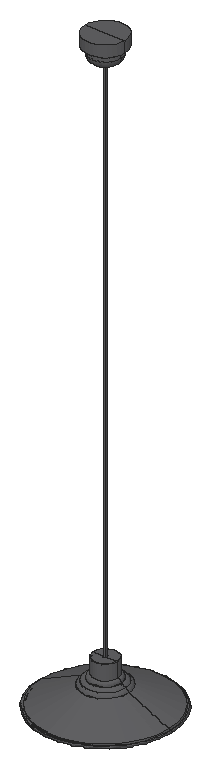
Revit family "MILKCAN(8,10,12,18)MB", category Lighting Fixtures, Revit 2020
Family settings
  Round Connector Dimension = Use Diameter
  Part Type = Normal
  OmniClass Number = 23.80.70.00
  OmniClass Title = Lighting
  Work Plane-Based = No
  Always vertical = Yes
  Cut with Voids When Loaded = No
  Light Source = Yes
  Shared = No
  Room Calculation Point = No
Parameters (values of type "MC18")
  Weight = "2 lbs"
  Wattage Comments = "200W Max"
  Wattage = 2.4 W
  Warranty = "5 year limited warranty"  # constant formula
  built-in parameter 1150110 = 1 (stored number, unit not read)
  Voltage = 277 V
  URL = "https://www.anplighting.com/assets/Uploads/product-attachments/specification-sheets/ANP-Specification-Sheet-RLM-MB-MC18.pdf"
  built-in parameter 1114217 = 1 (stored number, unit not read)
  Tilt Angle = 90.00°
  built-in parameter 1150109 = 1 (stored number, unit not read)
  built-in parameter 1150134 = 12
  built-in parameter 1150113 = 1 (stored number, unit not read)
  Mounting Option [instance] = 1
  Power Factor = 1
  Post Mount [instance] = Mounting Option = 5  # no
  Placement X axis side [instance] = if(Post Mount, 2' 2 15/32", if(Cord or Stem Mount, 0' 0", if(E36 20 inch, 1' 8 1/4", if(E 6 26 inch, 2' 2", if(E7 41 inch, 3' 5 1/4", 0' 1")))))  # 0' - 0"
  Photometric Web File = "MC18M024LDN40K.ies"
  Model = "MC18"
  Manufacturer = "ANP Lighting"  # constant formula
  MC8 = no
  MC18 = yes
  MC12 = no
  MC10 = no
  built-in parameter 1150105 = 3000 (stored number, unit not read)
  Lumens = 3000 lm
  built-in parameter 1150115 = 1 (stored number, unit not read)
  Load Classification = Lighting
  Light Source Height [instance] = 0' - 4"
  built-in parameter 1150137 = (empty or 0)
  built-in parameter 1150139 = (empty or 0)
  Light Elevation _2 [instance] = if(Post Mount, 0' 0.66142", if(E7 41 inch, 0' 0.66142", if(E36 20 inch, 0' 1.65748", if(E 6 26 inch, 0' 1.53543", if(Cord or Stem Mount, (0' 4.3622" + Cord Length), 0' 0")))))  # 6' - 4.3622"
  Light Elevation _1 [instance] = if(Post Mount, 0' 0", if(E7 41 inch, 0' 0", if(E36 20 inch, 0' 1", if(E 6 26 inch, 0' 0.87402", if(Cord or Stem Mount, (0' 3.66142" + Cord Length), 0' 0")))))  # 6' - 3.66142"
  Light Elevation [instance] = if(Post Mount, 14' 0.5315", if(E7 41 inch, 0' 0", 0' 0"))  # 0' - 0"
  Life = "L70 50,000 hours"  # constant formula
  built-in parameter 1150112 = 1 (stored number, unit not read)
  built-in parameter 1150114 = 1 (stored number, unit not read)
  Lamp = "MB"
  built-in parameter 1150132 = 2
  built-in parameter 1150102 = (empty or 0)
  built-in parameter 1150107 = 4000 (stored number, unit not read)
  built-in parameter 1150138 = (empty or 0)
  built-in parameter 1150106 = 30 (stored number, unit not read)
  Fixture Height = 0' - 6 1/8"
  Fixture Diameter = 1' - 6"
  Efficiency = "65-125 lumens per watt"  # constant formula
  built-in parameter 1150104 = 116.13 (stored number, unit not read)
  E7 41 inch [instance] = Mounting Option = 4  # no
  E36 20 inch [instance] = Mounting Option = 3  # no
  E 6 26 inch [instance] = Mounting Option = 2  # no
  Dimming Lamp Color Temperature Shift = <None>
  Dimming = "1%"  # constant formula
  Description = "120-277 Voltage"  # constant formula
  Default Elevation = 0' - 0"
  Cord or Stem Mount [instance] = Mounting Option = 1  # yes
  Cord Length option [instance] = 0
  Cord Length [instance] = if([2' Cord], 2' 0", if([4' Cord], 4' 0", if([8' Cord], 8' 0", if([10' Cord], 10' 0", if([6' Cord], 6' 0", 6' 0")))))  # 6' - 0"
  Construction Material = "Heavy Duty spun aluminum."  # constant formula
  Color Filter = 16777215
  CRI = ">90"  # constant formula
  Body Material = body
  Body Colour = "Spun aluminium"  # constant formula
  built-in parameter 1114218 = 1 (stored number, unit not read)
  built-in parameter 1150133 = 10 (stored number, unit not read)
  Apparent Load = 200 VA
  8' Cord [instance] = Cord Length option = 8  # no
  6' Cord [instance] = Cord Length option = 6  # no
  4' Cord [instance] = Cord Length option = 4  # no
  2' Cord [instance] = Cord Length option = 2  # no
  10' Cord [instance] = Cord Length option = 10  # no
Types (5): name | Weight | Wattage Comments | Wattage | URL | Model | MC8 | MC18 | MC12 | MC10 | built-in parameter 1150105 | Lumens | Light Source Height | built-in parameter 1150106 | Fixture Height | Fixture Diameter | Apparent Load
  (no name) | "2 lbs" | "200W Max" | 2.4 W | "https://www.anplighting.com/assets/Uploads/product-attachments/specification-sheets/ANP-Specification-Sheet-RLM-MB-MC18.pdf" | "MC18" | no | yes | no | no | 3000 (stored number, unit not read) | 3000 lm | 0' - 4" | 30 (stored number, unit not read) | 0' - 6 1/8" | 1' - 6" | 200 VA
  MC08 | "1 lbs" | "100W Max" | 0.68 W | "https://www.anplighting.com/assets/Uploads/product-attachments/specification-sheets/ANP-Specification-Sheet-RLM-MB-MC08.pdf" | "MC08" | yes | no | no | no | 850 (stored number, unit not read) | 850 lm | 0' - 2 1/2" | 8.5 (stored number, unit not read) | 0' - 3 3/4" | 0' - 8" | 100 VA
  MC10 | "1 lbs" | "100W Max" | 1 W | "https://www.anplighting.com/assets/Uploads/product-attachments/specification-sheets/ANP-Specification-Sheet-RLM-MB-MC10.pdf" | "MC10" | no | no | no | yes | 1250 (stored number, unit not read) | 1250 lm | 0' - 3" | 12.5 (stored number, unit not read) | 0' - 3 3/4" | 0' - 10" | 100 VA
  MC12 | "1.5 lbs" | "200W  Max" | 1.6 W | "https://www.anplighting.com/assets/Uploads/product-attachments/specification-sheets/ANP-Specification-Sheet-RLM-MB-MC12.pdf" | "MC12" | no | no | yes | no | 2000 (stored number, unit not read) | 2000 lm | 0' - 4" | 20 (stored number, unit not read) | 0' - 5" | 1' - 0" | 200 VA
  MC18 | "2 lbs" | "200W Max" | 2.4 W | "https://www.anplighting.com/assets/Uploads/product-attachments/specification-sheets/ANP-Specification-Sheet-RLM-MB-MC18.pdf" | "MC18" | no | yes | no | no | 3000 (stored number, unit not read) | 3000 lm | 0' - 4" | 30 (stored number, unit not read) | 0' - 6 1/8" | 1' - 6" | 200 VA
Reference planes (in)
  plane 1 "Light Source Axis (F/B)": y = 0
  plane 2: z = 0
  plane 3 "Light Source Axis (L/R)": x = 0
  plane 4 "Light Source Elevation": z = 0
  plane 5: z = 0
  plane 6: x = 0
  plane 7 "Bulb Position": z = -76.3622
  plane 8 "Canopy Position": z = -75.66142
  plane 9 "IES": z = -80.3622
Dimensions and locks (in)
  "Light Elevation": plane 5 to plane 2
  "Placement X axis side": plane 6 to plane 3 "Light Source Axis (L/R)"
  "Light Elevation _2": plane 5 to plane 7 "Bulb Position"
  "Light Elevation _1": plane 5 to plane 8 "Canopy Position"
  "Light Source Height": plane 7 "Bulb Position" to plane 9 "IES"
  locked: plane 4 "Light Source Elevation" to plane 2
  aligned and locked: level to plane 2
  aligned and locked: plane 1 "Light Source Axis (F/B)" to nested 5
  aligned and locked: nested 5 to plane 2
  aligned and locked: nested 1 to plane 3 "Light Source Axis (L/R)"
  aligned and locked: plane 3 "Light Source Axis (L/R)" to nested 2
  aligned and locked: plane 3 "Light Source Axis (L/R)" to nested 4
  aligned and locked: nested 3 to plane 5
  aligned and locked: plane 3 "Light Source Axis (L/R)" to nested 3
  aligned and locked: plane 3 "Light Source Axis (L/R)" to nested 5
  aligned and locked: plane 1 "Light Source Axis (F/B)" to nested 2
  aligned and locked: plane 1 "Light Source Axis (F/B)" to nested 1
  aligned and locked: plane 1 "Light Source Axis (F/B)" to nested 4
  aligned and locked: plane 1 "Light Source Axis (F/B)" to nested 3
  aligned and locked: plane 2 to nested 1
  aligned and locked: plane 2 to nested 2
  aligned and locked: nested 4 to plane 2
  aligned and locked: imposter light to plane 9 "IES"
  aligned and locked: imposter light to plane 6
  aligned and locked: nested 6 to plane 8 "Canopy Position"
  aligned and locked: nested 7 to plane 8 "Canopy Position"
  aligned and locked: nested 8 to plane 8 "Canopy Position"
  aligned and locked: nested 9 to plane 8 "Canopy Position"
  aligned and locked: nested 6 to plane 6
  aligned and locked: nested 7 to plane 6
  aligned and locked: nested 8 to plane 6
  aligned and locked: nested 9 to plane 6
Nested families (in)
  nested 1: "CORD OR STEM MOUNT" at (0, 0, -75.67), visible <- "Cord or Stem Mount", Cord or Stem Mount <- "Cord or Stem Mount", Body Material <- "Body Material", Light Elevation <- "Light Elevation", Cord Length <- "Cord Length", 10' Cord <- "10' Cord", 2' Cord <- "2' Cord", 4' Cord <- "4' Cord", 6' Cord <- "6' Cord", 8' Cord <- "8' Cord", type "CORD OR STEM MOUNT"
    with Light Elevation 0' - 0", Cord or Stem Mount yes, Cord Length 6' - 0", Body Material body, 8' Cord no, 6' Cord no, 4' Cord no, 2' Cord no, 10' Cord no
  nested 2: "E6 26 INCH" at (0, 0, 0), visible <- "E 6 26 inch", Chain Length <- "Cord Length", E 6 26 inch <- "E 6 26 inch", Placement X axis side <- "Placement X axis side", Body Material <- "Body Material", Light Elevation <- "Light Elevation", type "E6 26 INCH"
    with Placement X axis side 0' - 0", Light Elevation 0' - 0", E 6 26 inch no, Chain Length 6' - 0", Body Material body
  nested 3: "E7 41 INCH" at (0, 0, 0), Chain Length <- "Cord Length", visible <- "E7 41 inch", E7 41 inch <- "E7 41 inch", Placement X axis side <- "Placement X axis side", Body Material <- "Body Material", Light Elevation <- "Light Elevation", type "E7 41 INCH"
    with Placement X axis side 0' - 0", Light Elevation 0' - 0", E7 41 inch no, Chain Length 6' - 0", Body Material body
  nested 4: "E36 20 INCH" at (0, 0, 0), visible <- "E36 20 inch", E36 20 inch <- "E36 20 inch", Placement X axis side <- "Placement X axis side", Chain Length <- "Cord Length", Body Material <- "Body Material", Light Elevation <- "Light Elevation", type "E36 20 INCH"
    with Placement X axis side 0' - 0", Light Elevation 0' - 0", E36 20 inch no, Chain Length 6' - 0", Body Material body
  nested 5: "POST MOUNT" at (0, 0, 0), visible <- "Post Mount", Post Mount <- "Post Mount", Placement X axis side <- "Placement X axis side", Chain Length <- "Cord Length", Body Material <- "Body Material", Light Elevation <- "Light Elevation", type "POST MOUNT"
    with Post Mount no, Placement X axis side 0' - 0", Light Elevation 0' - 0", Chain Length 6' - 0", Body Material body
  nested 6: "MC8" at (0, 0, -75.66142), Light Elevation <- "Light Elevation", Body <- "Body Material", MC8 <- "MC8", visible <- "MC8", type "MC8"
    with MC8 no, Light Elevation 0' - 0", Body body
  nested 7: "MC10" at (0, 0, -75.66142), Light Elevation <- "Light Elevation", Body <- "Body Material", MC10 <- "MC10", visible <- "MC10", type "MC10"
    with MC10 no, Light Elevation 0' - 0", Body body
  nested 8: "MC12" at (0, 0, -93.66142), Body <- "Body Material", MC12 <- "MC12", visible <- "MC12", Fixture Diameter <- "Fixture Diameter", type "MC12"
    with MC12 no, Fixture Diameter 1' - 6", Body body
  nested 9: "MC18" at (0, 0, -75.66142), Light Elevation <- "Light Elevation", Body <- "Body Material", MC18 <- "MC18", visible <- "MC18", type "MC18"
    with MC18 yes, Light Elevation 0' - 0", Body body
Definition of nested family "CORD OR STEM MOUNT"
  Parameters (values of type "CORD OR STEM MOUNT")
    URL = ""
    Model = ""
    Manufacturer = ""
    Light Elevation [instance] = 1' - 7.69"
    Default Elevation = 0' - 0"
    Cord or Stem Mount [instance] = yes
    Cord Length [instance] = 6' - 0"
    Body Material [instance] = none
    8' Cord [instance] = no
    6' Cord [instance] = no
    4' Cord [instance] = no
    2' Cord [instance] = no
    10' Cord [instance] = no
  Reference planes (in)
    plane 1 "Light Source Axis (F/B)": y = 0
    plane 2: z = 0
    plane 3 "Light Source Axis (L/R)": x = 0
    plane 4 "Light Source Elevation": z = 23.125
    plane 5: z = 91.69
    plane 6: z = 19.69
  Forms (in)
    Extrusion 1, void, not visible
      sketch origin (0, 0, 2.38154) x (1, 0, 0) y (0, 0, 1)
        loop
          circle (0, 4.59925) r 0.16583
      from 1.18594 to 1.75
    Extrusion 2, void, not visible
      sketch origin (0, 0, 2.38154) x (0.707107, -0.707107, 0) y (0, 0, 1)
        loop
          circle (0, 4.59925) r 0.16583
      from 1.18594 to 1.75
    Extrusion 3, void, not visible
      sketch origin (0, 0, 2.38154) x (0.707107, 0.707107, 0) y (0, 0, 1)
        loop
          circle (0, 4.59925) r 0.16583
      from 1.18594 to 1.75
    Extrusion 4, void, not visible
      sketch origin (0, 0, 2.38154) x (0, 1, 0) y (0, 0, 1)
        loop
          circle (0, 4.59925) r 0.16583
      from 1.18594 to 1.75
    Extrusion 5, void, not visible
      sketch origin (0, 0, 2.38154) x (-0.707107, 0.707107, 0) y (0, 0, 1)
        loop
          circle (0, 4.59925) r 0.16583
      from 1.18594 to 1.75
    Extrusion 6, void, not visible
      sketch origin (0, 0, 2.38154) x (-1, 0, 0) y (0, 0, 1)
        loop
          circle (0, 4.59925) r 0.20678
      from 1.18594 to 1.75
    Extrusion 7, void, not visible
      sketch origin (0, 0, 2.38154) x (-0.707107, -0.707107, 0) y (0, 0, 1)
        loop
          circle (0, 4.59925) r 0.16583
      from 1.18594 to 1.75
    Extrusion 8, void, not visible
      sketch origin (0, 0, 2.38154) x (0, -1, 0) y (0, 0, 1)
        loop
          circle (0, 4.59925) r 0.16583
      from 1.18594 to 1.75
    Revolve 9, solid, material <- "Body Material", visible <- "Cord or Stem Mount"
      sketch origin (0, 0, 174.56698) x (1, 0, 0) y (0, 0, 1)
        loop
          line (2.6875, -79.20698) -> (0, -79.20698) -> (0, -82.87698) -> (0.125, -82.87698) -> (0.125, -82.83698) -> (0.75, -82.83698)
          arc (0.75, -82.83698) -> (0.81694, -82.77004) -> (0.75, -82.7031) r 0.06694
          line (0.75, -82.7031) -> (0.89763, -82.7031) -> (1.00223, -82.5985) -> (1.06587, -82.5985)
          arc (1.06587, -82.5985) -> (1.80099, -82.29401) -> (2.10549, -81.55888) r 1.03962
          line (2.10549, -81.55888) -> (2.10549, -81.03899)
          arc (2.10549, -81.03899) -> (2.12951, -80.981) -> (2.1875, -80.95698) r 0.08201
          line (2.1875, -80.95698) -> (2.1875, -80.70698) -> (2.6875, -80.70698) -> (2.6875, -79.20698)
        axis (0, -79.20698) -> (0, -82.87698)
      angle from 0 to 360
    Revolve 10, solid, material <- "Body Material", visible <- "Cord or Stem Mount"
      sketch origin (0, 0, 0) x (1, 0, 0) y (0, 0, 1)
        loop
          line (0, 91.69) -> (-0.125, 91.69) -> (-0.125, 19.69) -> (0, 19.69) -> (0, 91.69)
        axis (0, 19.69) -> (0, 91.69)
      angle from 0 to 360
  Dimensions and locks (in)
    "Light Elevation": plane 6 to plane 2
    "Cord Length": plane 5 to plane 6
    locked: Revolve 10 sketch curve to Revolve 10 sketch curve at 0.125
    aligned and locked: level to plane 2
    aligned and locked: Revolve 10 sketch curve to plane 3 "Light Source Axis (L/R)"
    aligned and locked: Revolve 10 sketch curve to plane 6
    aligned and locked: Revolve 10 sketch curve to plane 5
    aligned and locked: plane 3 "Light Source Axis (L/R)" to Revolve 10 sketch curve
  Automatic sketch dimensions
    Revolve 9 sketch curve to plane 3 "Light Source Axis (L/R)" = 0' - 0"  (x2)
    Revolve 9 sketch curve to plane 5 = 0' - 0"
    plane 3 "Light Source Axis (L/R)" to Revolve 9 sketch curve = 0' - 0 1/8"
    Revolve 9 sketch curve to plane 5 = 0' - 0.17388"
    Revolve 9 sketch curve to Revolve 9 sketch curve = 0' - 0 5/8"
    Revolve 9 sketch curve to Revolve 9 sketch curve = 0' - 0.14763"
    Revolve 9 sketch curve to plane 5 = 0' - 0.27847"
    Revolve 9 sketch curve to Revolve 9 sketch curve = 0' - 0.1046"
    Revolve 9 sketch curve to Revolve 9 sketch curve = 0' - 0.06364"
    Revolve 9 sketch curve to Revolve 9 sketch curve = 0' - 1.03962"
    Revolve 9 sketch curve to Revolve 9 sketch curve = 0' - 0 21/256"
    Revolve 9 sketch curve to Revolve 9 sketch curve = 0' - 0 1/2"  (x2)
    Revolve 9 sketch curve to Revolve 9 sketch curve = 0' - 0.51989"
    Revolve 9 sketch curve to Revolve 9 sketch curve = 0' - 0 1/4"
    Revolve 9 sketch curve to Revolve 9 sketch curve = 0' - 2.3519"
    Revolve 9 sketch curve to Revolve 9 sketch curve = 0' - 1 1/4"
    Revolve 9 sketch curve to Revolve 9 sketch curve = 0' - 0.04"
    Revolve 10 sketch curve to Revolve 10 sketch curve = 0' - 0 1/2"
    Revolve 10 sketch curve to Revolve 10 sketch curve = 0' - 0.42345"
Definition of nested family "MC18"
  Parameters (values of type "MC18")
    MC18 [instance] = yes
    Light Elevation [instance] = 0' - 0"
    Default Elevation = 0' - 0"
    Body [instance] = none
  Reference planes (in)
    plane 1 "Center (Front/Back)": y = 0
    plane 2: z = 0
    plane 3 "Center (Left/Right)": x = 0
    plane 4: z = 0
  Dimensions and locks (in)
    "Light Elevation": plane 4 to level
    aligned and locked: plane 2 to level
    aligned and locked: plane 1 "Center (Front/Back)" to nested 1
    aligned and locked: plane 3 "Center (Left/Right)" to nested 1
    aligned and locked: plane 4 to nested 1
  Nested families (in)
    nested 1: "Family9" at (0, 0, -6.125), Body <- "Body", visible <- "MC18", MC18 <- "MC18", type "Family9"
      with MC18 yes, Body none
  Definition of nested family "Family9"
    Parameters
      MC18 [instance] = yes
      Default Elevation = 0' - 0"
      Body [instance] = none
    Reference planes (in)
      plane 1 "Center (Front/Back)": y = 0
      plane 2: z = 0
      plane 3 "Center (Left/Right)": x = 0
    Forms (in)
      Revolve 1, solid, material <- "Body", visible <- "MC18"
        sketch origin (0, 0, 0) x (1, 0, 0) y (0, 0, 1)
          loop
            line (8.51516, 0) -> (8.93338, 0)
            arc (8.93338, 0) -> (9, 0.09839) -> (8.93338, 0.19677) r 0.10596
            line (8.93338, 0.19677) -> (8.66516, 0.19677) -> (8.66516, 0.36156)
            arc (8.66516, 0.36156) -> (5.96069, 1.6644) -> (3.16998, 2.7705) r 41.95239
            line (3.16998, 2.7705) -> (3.09734, 2.7705)
            arc (3.09734, 2.7705) -> (2.96765, 3.04415) -> (2.73248, 3.23494) r 0.68371
            line (2.73248, 3.23494) -> (2.6771, 3.23494)
            arc (2.6771, 3.23494) -> (2.43858, 3.48637) -> (2.09496, 3.53156) r 0.51891
            line (2.09496, 3.53156) -> (2.05102, 3.53156) -> (2.05102, 3.59548)
            arc (2.05102, 3.59548) -> (1.95523, 3.92754) -> (1.65622, 4.1008) r 0.46309
            line (1.65622, 4.1008) -> (1.65622, 6.07769) -> (1.61985, 6.07769) -> (1.61985, 6.125) -> (0.30815, 6.125) -> (0.30815, 5.975) -> (1.50622, 5.975) -> (1.50622, 3.94401)
            arc (1.50622, 3.94401) -> (1.79468, 3.87962) -> (1.90102, 3.60385) r 0.31309
            line (1.90102, 3.60385) -> (1.90102, 3.38156) -> (2.11211, 3.38156)
            arc (2.11211, 3.38156) -> (2.37965, 3.34788) -> (2.55281, 3.14117) r 0.36891
            arc (2.55281, 3.14117) -> (2.82797, 2.9774) -> (2.95988, 2.68563) r 0.53371
            arc (2.95988, 2.68563) -> (5.78132, 1.57903) -> (8.51516, 0.27092) r 41.80239
            line (8.51516, 0.27092) -> (8.51516, 0.19677) -> (8.51516, 0)
          axis (0, 6.125) -> (0, 0)
        angle from 0 to 360
    Dimensions and locks (in)
      aligned and locked: plane 2 to level
Definition of nested family "E6 26 INCH"
  Parameters (values of type "E6 26 INCH")
    URL = ""
    Placement X axis side [instance] = 2' - 2"
    Model = ""
    Manufacturer = ""
    Light Elevation [instance] = 8' - 4"
    E 6 26 inch [instance] = yes
    Default Elevation = 0' - 0"
    Chain Length [instance] = 0' - 0"
    Body Material [instance] = none
  Reference planes (in)
    plane 1 "Light Source Axis (F/B)": y = 0
    plane 2: z = 0
    plane 3 "Light Source Axis (L/R)": x = 0
    plane 4 "Light Source Elevation": z = 23.125
    plane 5: z = 100
    plane 6: x = -26
    plane 7: z = 99.125
    plane 8: x = -24.12
    plane 9: x = -25.5474
  Forms (in)
    Extrusion 1, void, not visible
      sketch origin (0, 0, 2.38154) x (1, 0, 0) y (0, 0, 1)
        loop
          circle (0, 4.59925) r 0.16583
      from 1.18594 to 1.75
    Extrusion 2, void, not visible
      sketch origin (0, 0, 2.38154) x (0.707107, -0.707107, 0) y (0, 0, 1)
        loop
          circle (0, 4.59925) r 0.16583
      from 1.18594 to 1.75
    Extrusion 3, void, not visible
      sketch origin (0, 0, 2.38154) x (0.707107, 0.707107, 0) y (0, 0, 1)
        loop
          circle (0, 4.59925) r 0.16583
      from 1.18594 to 1.75
    Extrusion 4, void, not visible
      sketch origin (0, 0, 2.38154) x (0, 1, 0) y (0, 0, 1)
        loop
          circle (0, 4.59925) r 0.16583
      from 1.18594 to 1.75
    Extrusion 5, void, not visible
      sketch origin (0, 0, 2.38154) x (-0.707107, 0.707107, 0) y (0, 0, 1)
        loop
          circle (0, 4.59925) r 0.16583
      from 1.18594 to 1.75
    Extrusion 6, void, not visible
      sketch origin (0, 0, 2.38154) x (-1, 0, 0) y (0, 0, 1)
        loop
          circle (0, 4.59925) r 0.20678
      from 1.18594 to 1.75
    Extrusion 7, void, not visible
      sketch origin (0, 0, 2.38154) x (-0.707107, -0.707107, 0) y (0, 0, 1)
        loop
          circle (0, 4.59925) r 0.16583
      from 1.18594 to 1.75
    Extrusion 8, void, not visible
      sketch origin (0, 0, 2.38154) x (0, -1, 0) y (0, 0, 1)
        loop
          circle (0, 4.59925) r 0.16583
      from 1.18594 to 1.75
    Sweep 9, solid, material <- "Body Material", visible <- "E 6 26 inch"
      path origin (-41.25, 0, 168.51693) x (1, 0, 0) y (0, 0, 1)
        loop
          line (17.13, -68.51693) -> (27.68551, -68.51693)
          arc (27.68551, -68.51693) -> (28.47996, -68.34486) -> (29.13202, -67.8595) r 1.92004
          line (29.13202, -67.8595) -> (34.23651, -62.01155)
          arc (34.23651, -62.01155) -> (38.65464, -60.89667) -> (41.25, -64.64193) r 4
          line (41.25, -64.64193) -> (41.25, -69.39193)
      profile origin (-18.84224, 0, 100) x (0, 0, 1) y (0, -1, 0)
        loop
          circle (0, 0) r 0.5
    Revolve 10, solid, material <- "Body Material", visible <- "E 6 26 inch"
      sketch origin (-26, 0, 168.51693) x (1, 0, 0) y (0, 0, 1)
        loop
          line (0, -66.07943) -> (0, -68.51693) -> (1.88, -68.51693) -> (1.88, -67.69272) -> (0.4526, -67.69272) -> (0.4526, -66.54122) -> (0.33125, -66.54122) -> (0.33125, -66.07943) -> (0, -66.07943)
        axis (0, -68.51693) -> (1.88, -68.51693)
      angle from 0 to 360
    Extrusion 11, solid, material <- "Body Material", visible <- "E 6 26 inch"
      sketch origin (-26, 0, 168.51693) x (0, -1, 0) y (0, 0, -1)
        loop
          line (0.25, 68.51693) -> (0.25, 69.51693) -> (-0.25, 69.51693) -> (-0.25, 68.51693) -> (0.25, 68.51693)
      from 0.4526 to 1.88
  Cuts and joins
    joined: Revolve 10, Extrusion 11
  Dimensions and locks (in)
    "Light Elevation": plane 5 to plane 2
    "Placement X axis side": plane 3 "Light Source Axis (L/R)" to plane 6
    locked: plane 5 to plane 7 at 0.875
    Revolve 10 sketch curve to Revolve 10 sketch curve to Revolve 10 sketch curve to plane 6 = 0' - 1.4274" locked, 0' - 0.12135" locked, 0' - 0.33125" locked
    Revolve 10 sketch curve to Revolve 10 sketch curve to Revolve 10 sketch curve to plane 5 = 0' - 0.46179" locked, 0' - 1.1515" locked, 0' - 0 211/256" locked
    locked: Sweep 9 sketch curve to plane 6 at 1.88
    locked: Sweep 9 sketch curve to Sweep 9 sketch curve at 10.55551
    locked: Sweep 9 sketch curve to Sweep 9 sketch curve at 13.56449
    locked: Sweep 9 sketch curve to Sweep 9 sketch curve at 4.75
    locked: plane 9 to plane 6 at 0.4526
    locked: plane 8 to plane 9 at 1.4274
    aligned and locked: level to plane 2
    aligned and locked: Revolve 10 sketch curve to plane 6
    aligned and locked: plane 5 to Revolve 10 sketch curve
    aligned and locked: Revolve 10 sketch curve to plane 5
    aligned and locked: cut or joined group of Revolve 10, Extrusion 11 to plane 9
    aligned and locked: plane 8 to cut or joined group of Revolve 10, Extrusion 11
  Automatic sketch dimensions
    Sweep 9 sketch curve to plane 5 = 0' - 0"
    Sweep 9 sketch curve to Sweep 9 sketch curve = 0' - 4"
    Sweep 9 sketch curve to Sweep 9 sketch curve = 0' - 3.01349"
    plane 5 to Sweep 9 sketch curve = 0' - 0.65743"
    Sweep 9 sketch curve to Sweep 9 sketch curve = 0' - 1.4465"
    Sweep 9 sketch curve to plane 5 = 0' - 0 7/8"
    profile plane to Sweep 9 sketch curve = 0' - 0"
    Sweep 9 sketch curve to profile plane = 0' - 0"
    plane 6 to Revolve 10 sketch curve = 0' - 0.62562"
    Revolve 10 sketch curve to Revolve 10 sketch curve = 0' - 0 1/2"
    Extrusion 11 sketch curve to plane 5 = 0' - 0"
    plane 1 "Light Source Axis (F/B)" to Extrusion 11 sketch curve = 0' - 0 1/4"
    Extrusion 11 sketch curve to plane 1 "Light Source Axis (F/B)" = 0' - 0 1/4"
    plane 5 to Extrusion 11 sketch curve = 0' - 1"
    radius of Sweep 9 sketch curve = 0' - 0 1/2"
Definition of nested family "E7 41 INCH"
  Parameters (values of type "E7 41 INCH")
    URL = ""
    Placement X axis side [instance] = 4' - 2"
    Model = ""
    Manufacturer = ""
    Light Elevation [instance] = 8' - 4"
    E7 41 inch [instance] = yes
    Default Elevation = 0' - 0"
    Chain Length [instance] = 0' - 0"
    Body Material [instance] = none
  Reference planes (in)
    plane 1 "Light Source Axis (F/B)": y = 0
    plane 2: z = 0
    plane 3 "Light Source Axis (L/R)": x = 0
    plane 4 "Light Source Elevation": z = 23.125
    plane 5: z = 100
    plane 6: x = -50
  Forms (in)
    Extrusion 1, void, not visible
      sketch origin (0, 0, 2.38154) x (1, 0, 0) y (0, 0, 1)
        loop
          circle (0, 4.59925) r 0.16583
      from 1.18594 to 1.75
    Extrusion 2, void, not visible
      sketch origin (0, 0, 2.38154) x (0.707107, -0.707107, 0) y (0, 0, 1)
        loop
          circle (0, 4.59925) r 0.16583
      from 1.18594 to 1.75
    Extrusion 3, void, not visible
      sketch origin (0, 0, 2.38154) x (0.707107, 0.707107, 0) y (0, 0, 1)
        loop
          circle (0, 4.59925) r 0.16583
      from 1.18594 to 1.75
    Extrusion 4, void, not visible
      sketch origin (0, 0, 2.38154) x (0, 1, 0) y (0, 0, 1)
        loop
          circle (0, 4.59925) r 0.16583
      from 1.18594 to 1.75
    Extrusion 5, void, not visible
      sketch origin (0, 0, 2.38154) x (-0.707107, 0.707107, 0) y (0, 0, 1)
        loop
          circle (0, 4.59925) r 0.16583
      from 1.18594 to 1.75
    Extrusion 6, void, not visible
      sketch origin (0, 0, 2.38154) x (-1, 0, 0) y (0, 0, 1)
        loop
          circle (0, 4.59925) r 0.20678
      from 1.18594 to 1.75
    Extrusion 7, void, not visible
      sketch origin (0, 0, 2.38154) x (-0.707107, -0.707107, 0) y (0, 0, 1)
        loop
          circle (0, 4.59925) r 0.16583
      from 1.18594 to 1.75
    Extrusion 8, void, not visible
      sketch origin (0, 0, 2.38154) x (0, -1, 0) y (0, 0, 1)
        loop
          circle (0, 4.59925) r 0.16583
      from 1.18594 to 1.75
    Revolve 9, solid, material <- "Body Material", visible <- "E7 41 inch"
      sketch origin (-41.25, 0, 168.39193) x (1, 0, 0) y (0, 0, 1)
        loop
          line (-8.75, -66.20443) -> (-8.75, -68.51693) -> (-6.87, -68.51693) -> (-6.87, -67.69272) -> (-8.2974, -67.69272) -> (-8.2974, -66.54122) -> (-8.41875, -66.54122) -> (-8.41875, -66.20443) -> (-8.75, -66.20443)
        axis (-8.75, -68.51693) -> (-6.87, -68.51693)
      angle from 0 to 360
    Extrusion 10, solid, material <- "Body Material", visible <- "E7 41 inch"
      sketch origin (-41.25, 0, 168.39193) x (0, -1, 0) y (0, 0, -1)
        loop
          line (0.25, 68.51693) -> (0.25, 69.51693) -> (-0.25, 69.51693) -> (-0.25, 68.51693) -> (0.25, 68.51693)
      from -8.2974 to -6.87
    Sweep 11, solid, material <- "Body Material", visible <- "E7 41 inch"
      path origin (-41.25, 0, 168.39193) x (1, 0, 0) y (0, 0, 1)
        loop
          line (-6.87, -68.51693) -> (16.04011, -68.51693)
          arc (16.04011, -68.51693) -> (17.864, -68.13651) -> (19.38375, -67.0587) r 4.5625
          line (19.38375, -67.0587) -> (24.70217, -61.33018)
          arc (24.70217, -61.33018) -> (29.64465, -60.20324) -> (32.5, -64.39193) r 4.5
          line (32.5, -64.39193) -> (32.5, -68.39193)
      profile origin (-36.66494, 0, 99.875) x (0, 0, 1) y (0, -1, 0)
        loop
          circle (0, 0) r 0.5
  Dimensions and locks (in)
    "Placement X axis side": plane 3 "Light Source Axis (L/R)" to plane 6
    "Light Elevation": plane 5 to plane 2
    locked: Revolve 9 sketch curve to Revolve 9 sketch curve at 0.33125
    locked: Revolve 9 sketch curve to Revolve 9 sketch curve at 0.4526
    locked: Revolve 9 sketch curve to Revolve 9 sketch curve at 1.88
    locked: Revolve 9 sketch curve to Revolve 9 sketch curve at 0.82421
    locked: Revolve 9 sketch curve to Revolve 9 sketch curve at 1.1515
    locked: Revolve 9 sketch curve to Revolve 9 sketch curve at 0.33679
    locked: plane 5 to Revolve 9 sketch curve at 0.125
    locked: Extrusion 10 sketch curve to Extrusion 10 sketch curve at 0.5
    locked: Extrusion 10 sketch curve to Extrusion 10 sketch curve at 1
    locked: plane 5 to Extrusion 10 sketch curve at 0.125
    locked: plane 5 to Sweep 11 sketch curve at 0.125
    locked: Sweep 11 sketch curve to Sweep 11 sketch curve at 39.37
    locked: Sweep 11 sketch curve to Sweep 11 sketch curve at 4
    locked: plane 6 to Extrusion 10 at 0.4526
    locked: Sweep 11 sketch curve to plane 6 at 1.88
    locked: Extrusion 10 to Extrusion 10 at 1.4274
    aligned and locked: plane 2 to level
    aligned and locked: Revolve 9 sketch curve to plane 6
  Automatic sketch dimensions
    Revolve 9 sketch curve to plane 5 = 0' - 0 1/8"
    plane 6 to Revolve 9 sketch curve = 0' - 0.62562"
    Revolve 9 sketch curve to Revolve 9 sketch curve = 0' - 0 1/2"
    plane 1 "Light Source Axis (F/B)" to Extrusion 10 sketch curve = 0' - 0 1/4"
    Sweep 11 sketch curve to plane 5 = 0' - 0"
    Sweep 11 sketch curve to Sweep 11 sketch curve = 0' - 4 1/2"
    Sweep 11 sketch curve to Sweep 11 sketch curve = 0' - 3.29783"
    plane 5 to Sweep 11 sketch curve = 0' - 1.33323"
    Sweep 11 sketch curve to Sweep 11 sketch curve = 0' - 5.31842"
    Sweep 11 sketch curve to Sweep 11 sketch curve = 0' - 3.34364"
    profile plane to Sweep 11 sketch curve = 0' - 0"
    Sweep 11 sketch curve to profile plane = 0' - 0"
    radius of Sweep 11 sketch curve = 0' - 0 1/2"
Definition of nested family "E36 20 INCH"
  Parameters (values of type "E36 20 INCH")
    URL = ""
    Placement X axis side [instance] = 1' - 8 1/4"
    Model = ""
    Manufacturer = ""
    Light Elevation [instance] = 8' - 4"
    E36 20 inch [instance] = yes
    Default Elevation = 0' - 0"
    Chain Length [instance] = 0' - 0"
    Body Material [instance] = none
  Reference planes (in)
    plane 1 "Light Source Axis (F/B)": y = 0
    plane 2: z = 0
    plane 3 "Light Source Axis (L/R)": x = 0
    plane 4 "Light Source Elevation": z = 23.125
    plane 5: z = 99
    plane 6: x = -20.25
    plane 7: z = 100
    plane 8: x = -18.37008
    plane 9: x = -19.79724
  Forms (in)
    Extrusion 1, void, not visible
      sketch origin (0, 0, 2.38154) x (1, 0, 0) y (0, 0, 1)
        loop
          circle (0, 4.59925) r 0.16583
      from 1.18594 to 1.75
    Extrusion 2, void, not visible
      sketch origin (0, 0, 2.38154) x (0.707107, -0.707107, 0) y (0, 0, 1)
        loop
          circle (0, 4.59925) r 0.16583
      from 1.18594 to 1.75
    Extrusion 3, void, not visible
      sketch origin (0, 0, 2.38154) x (0.707107, 0.707107, 0) y (0, 0, 1)
        loop
          circle (0, 4.59925) r 0.16583
      from 1.18594 to 1.75
    Extrusion 4, void, not visible
      sketch origin (0, 0, 2.38154) x (0, 1, 0) y (0, 0, 1)
        loop
          circle (0, 4.59925) r 0.16583
      from 1.18594 to 1.75
    Extrusion 5, void, not visible
      sketch origin (0, 0, 2.38154) x (-0.707107, 0.707107, 0) y (0, 0, 1)
        loop
          circle (0, 4.59925) r 0.16583
      from 1.18594 to 1.75
    Extrusion 6, void, not visible
      sketch origin (0, 0, 2.38154) x (-1, 0, 0) y (0, 0, 1)
        loop
          circle (0, 4.59925) r 0.20678
      from 1.18594 to 1.75
    Extrusion 7, void, not visible
      sketch origin (0, 0, 2.38154) x (-0.707107, -0.707107, 0) y (0, 0, 1)
        loop
          circle (0, 4.59925) r 0.16583
      from 1.18594 to 1.75
    Extrusion 8, void, not visible
      sketch origin (0, 0, 2.38154) x (0, -1, 0) y (0, 0, 1)
        loop
          circle (0, 4.59925) r 0.16583
      from 1.18594 to 1.75
    Sweep 9, solid, material <- "Body Material", visible <- "E36 20 inch"
      path origin (-41.25, 0, 169.51693) x (1, 0, 0) y (0, 0, 1)
        loop
          line (22.88, -69.51693) -> (28.93827, -69.51693)
          arc (28.93827, -69.51693) -> (29.97705, -69.28152) -> (30.81284, -68.62128) r 2.40953
          line (30.81284, -68.62128) -> (34.13807, -64.50378)
          arc (34.13807, -64.50378) -> (38.58272, -63.24548) -> (41.25, -67.01693) r 4
          line (41.25, -67.01693) -> (41.25, -70.51693)
      profile origin (-15.34086, 0, 100) x (0, 0, 1) y (0, -1, 0)
        loop
          circle (0, 0) r 0.5
    Revolve 10, solid, material <- "Body Material", visible <- "E36 20 inch"
      sketch origin (-20.25, 0, 169.51693) x (1, 0, 0) y (0, 0, 1)
        loop
          line (0, -67.20443) -> (0, -69.51693) -> (1.88, -69.51693) -> (1.88, -68.69272) -> (0.4526, -68.69272) -> (0.4526, -67.54122) -> (0.33125, -67.54122) -> (0.33125, -67.20443) -> (0, -67.20443)
        axis (0, -69.51693) -> (1.88, -69.51693)
      angle from 0 to 360
    Extrusion 11, solid, material <- "Body Material", visible <- "E36 20 inch"
      sketch origin (-20.25, 0, 169.51693) x (0, -1, 0) y (0, 0, -1)
        loop
          line (0.25, 69.51693) -> (0.25, 70.51693) -> (-0.25, 70.51693) -> (-0.25, 69.51693) -> (0.25, 69.51693)
      from 1.87992 to 0.45276
  Cuts and joins
    joined: Revolve 10, Extrusion 11
  Dimensions and locks (in)
    "Light Elevation": plane 7 to plane 2
    "Placement X axis side": plane 3 "Light Source Axis (L/R)" to plane 6
    locked: plane 7 to plane 5 at 1
    Revolve 10 sketch curve to Revolve 10 sketch curve to Revolve 10 sketch curve to plane 7 = 0' - 0.33679" locked, 0' - 1.1515" locked, 0' - 0 211/256" locked
    locked: Sweep 9 sketch curve to plane 6 at 1.88
    locked: Sweep 9 sketch curve to Sweep 9 sketch curve at 6.05827
    locked: Sweep 9 sketch curve to Sweep 9 sketch curve at 12.31173
    locked: Sweep 9 sketch curve to Sweep 9 sketch curve at 3.5
    Revolve 10 sketch curve to Revolve 10 sketch curve to Revolve 10 sketch curve to plane 6 = 0' - 1.4274" locked, 0' - 0.12135" locked, 0' - 0.33125" locked
    locked: plane 9 to plane 6 at 0.45276
    locked: plane 8 to plane 9 at 1.42717
    aligned and locked: level to plane 2
    aligned and locked: plane 7 to Revolve 10 sketch curve
    aligned and locked: Revolve 10 sketch curve to plane 7
    aligned and locked: Revolve 10 sketch curve to plane 6
    aligned and locked: cut or joined group of Revolve 10, Extrusion 11 to plane 9
    aligned and locked: plane 8 to cut or joined group of Revolve 10, Extrusion 11
  Automatic sketch dimensions
    Sweep 9 sketch curve to plane 7 = 0' - 0"
    Sweep 9 sketch curve to plane 5 = 0' - 0"
    Sweep 9 sketch curve to Sweep 9 sketch curve = 0' - 4"
    Sweep 9 sketch curve to plane 7 = 0' - 0.89565"
    Sweep 9 sketch curve to Sweep 9 sketch curve = 0' - 3.32523"
    Sweep 9 sketch curve to Sweep 9 sketch curve = 0' - 1.87457"
    profile plane to Sweep 9 sketch curve = 0' - 0"
    Sweep 9 sketch curve to profile plane = 0' - 0"
    plane 6 to Revolve 10 sketch curve = 0' - 0.62562"
    Revolve 10 sketch curve to Revolve 10 sketch curve = 0' - 0 1/2"
    plane 7 to Extrusion 11 sketch curve = 0' - 0"
    Extrusion 11 sketch curve to plane 5 = 0' - 0"
    plane 1 "Light Source Axis (F/B)" to Extrusion 11 sketch curve = 0' - 0 1/4"
    Extrusion 11 sketch curve to plane 1 "Light Source Axis (F/B)" = 0' - 0 1/4"
    radius of Sweep 9 sketch curve = 0' - 0 1/2"
Definition of nested family "POST MOUNT"
  Parameters (values of type "POST MOUNT")
    URL = ""
    Post Mount [instance] = yes
    Placement X axis side [instance] = 2' - 2 1/2"
    Model = ""
    Manufacturer = ""
    Light Elevation [instance] = 14' - 0.5168"
    Default Elevation = 0' - 0"
    Chain Length [instance] = 0' - 0"
    Body Material [instance] = none
  Reference planes (in)
    plane 1 "Light Source Axis (F/B)": y = 0
    plane 2: z = 0
    plane 3 "Light Source Axis (L/R)": x = 0
    plane 4 "Light Source Elevation": z = 23.125
    plane 5: x = -26.5
    plane 6: z = 168.5168
  Forms (in)
    Extrusion 1, void, not visible
      sketch origin (0, 0, 2.38154) x (1, 0, 0) y (0, 0, 1)
        loop
          circle (0, 4.59925) r 0.16583
      from 1.18594 to 1.75
    Extrusion 2, void, not visible
      sketch origin (0, 0, 2.38154) x (0.707107, -0.707107, 0) y (0, 0, 1)
        loop
          circle (0, 4.59925) r 0.16583
      from 1.18594 to 1.75
    Extrusion 3, void, not visible
      sketch origin (0, 0, 2.38154) x (0.707107, 0.707107, 0) y (0, 0, 1)
        loop
          circle (0, 4.59925) r 0.16583
      from 1.18594 to 1.75
    Extrusion 4, void, not visible
      sketch origin (0, 0, 2.38154) x (0, 1, 0) y (0, 0, 1)
        loop
          circle (0, 4.59925) r 0.16583
      from 1.18594 to 1.75
    Extrusion 5, void, not visible
      sketch origin (0, 0, 2.38154) x (-0.707107, 0.707107, 0) y (0, 0, 1)
        loop
          circle (0, 4.59925) r 0.16583
      from 1.18594 to 1.75
    Extrusion 6, void, not visible
      sketch origin (0, 0, 2.38154) x (-1, 0, 0) y (0, 0, 1)
        loop
          circle (0, 4.59925) r 0.20678
      from 1.18594 to 1.75
    Extrusion 7, void, not visible
      sketch origin (0, 0, 2.38154) x (-0.707107, -0.707107, 0) y (0, 0, 1)
        loop
          circle (0, 4.59925) r 0.16583
      from 1.18594 to 1.75
    Extrusion 8, void, not visible
      sketch origin (0, 0, 2.38154) x (0, -1, 0) y (0, 0, 1)
        loop
          circle (0, 4.59925) r 0.16583
      from 1.18594 to 1.75
    Revolve 9, solid, material <- "Body Material", visible <- "Post Mount"
      sketch origin (-7.90508, 0, 0) x (1, 0, 0) y (0, 0, 1)
        loop
          line (-18.59492, 3.92912) -> (-16.29831, 3.92912) -> (-16.29831, 4.2668) -> (-16.91413, 4.2668) -> (-16.91413, 134.5168) -> (-17.16413, 134.5168) -> (-17.16413, 137.3918) -> (-17.05979, 137.3918)
          arc (-17.05979, 137.3918) -> (-16.93479, 137.5168) -> (-17.05979, 137.6418) r 0.125
          line (-17.05979, 137.6418) -> (-17.48032, 137.6418) -> (-17.48032, 139.0793) -> (-17.73032, 139.0793) -> (-17.73032, 139.5793) -> (-18.59492, 139.5793) -> (-18.59492, 3.92912)
        axis (-18.59492, 139.5793) -> (-18.59492, 3.92912)
      angle from 0 to 360
    Extrusion 10, solid, material <- "Body Material", visible <- "Post Mount"
      sketch origin (0, 0, 0) x (1, 0, 0) y (0, 1, 0)
        loop
          line (-20.5, 5.93079) -> (-32.5, 5.93079) -> (-32.5, -6.06921) -> (-20.5, -6.06921) -> (-20.5, 5.93079)
      from 0 to 3.92912
    Sweep 11, solid, material <- "Body Material", visible <- "Post Mount"
      path origin (0, 0, 48.5) x (1, 0, 0) y (0, 0, 1)
        loop
          line (0, 120.0168) -> (0, 128.0168)
          arc (0, 128.0168) -> (-13.25, 141.2668) -> (-26.5, 128.0168) r 13.25
          line (-26.5, 128.0168) -> (-26.5, 91.0793)
      profile origin (0, 0, 172.5168) x (-1, 0, 0) y (0, -1, 0)
        loop
          circle (0, 0) r 0.5
    Revolve 12, solid, material <- "Body Material", visible <- "Post Mount"
      sketch origin (0, 0, 0) x (1, 0, 0) y (0, 0, 1)
        loop
          line (0, 168.5168) -> (0.75, 168.5168) -> (0.75, 170.7668) -> (0, 170.7668) -> (0, 168.5168)
        axis (0, 170.7668) -> (0, 168.5168)
      angle from 0 to 360
  Cuts and joins
    joined: Revolve 9, Extrusion 10, Sweep 11, Revolve 12
  Dimensions and locks (in)
    "Placement X axis side": plane 3 "Light Source Axis (L/R)" to plane 5
    "Light Elevation": plane 6 to plane 2
    locked: Revolve 12 sketch curve to plane 5 at 26.5  (x2)
    locked: Revolve 9 sketch curve to plane 2 at 3.92912
    locked: Revolve 9 sketch curve to plane 5 at 2.29661
    locked: Revolve 9 sketch curve to plane 5 at 1.68079
    locked: Revolve 9 sketch curve to plane 5 at 1.43079
    locked: Revolve 9 sketch curve to plane 5 at 1.11461
    locked: Revolve 9 sketch curve to plane 5 at 0.86461
    locked: Revolve 9 sketch curve to Revolve 9 sketch curve at 130.58768
    locked: Revolve 9 sketch curve to Revolve 9 sketch curve at 2.875
    locked: Revolve 9 sketch curve to Revolve 9 sketch curve at 0.25
    locked: Revolve 9 sketch curve to Revolve 9 sketch curve at 1.4375
    locked: Revolve 9 sketch curve to Revolve 9 sketch curve at 0.5
    locked: Sweep 11 sketch curve to Sweep 11 sketch curve at 26.5
    locked: Revolve 12 sketch curve to Revolve 12 sketch curve at 0.75
    locked: cut or joined group of Revolve 9, Extrusion 10, Sweep 11, Revolve 12 to plane 2 at 139.5793
    aligned and locked: level to plane 2
    aligned and locked: plane 5 to Sweep 11 sketch curve
    aligned and locked: Revolve 9 sketch curve to plane 5
  Automatic sketch dimensions
    Revolve 9 sketch curve to plane 5 = 0' - 0"
    Revolve 9 sketch curve to Revolve 9 sketch curve = 0' - 0.10434"
    Revolve 9 sketch curve to Revolve 9 sketch curve = 0' - 0.33768"
    Revolve 9 sketch curve to Revolve 9 sketch curve = 0' - 0 1/4"
    Revolve 9 sketch curve to Revolve 9 sketch curve = 0' - 0 7/16"
    Extrusion 10 sketch curve to plane 5 = 0' - 6"
    plane 5 to Extrusion 10 sketch curve = 0' - 6"
    plane 1 "Light Source Axis (F/B)" to Extrusion 10 sketch curve = 0' - 6.06921"
    Extrusion 10 sketch curve to plane 1 "Light Source Axis (F/B)" = 0' - 5.93079"
    Sweep 11 sketch curve to profile plane = 0' - 0"
    profile plane to Sweep 11 sketch curve = 0' - 0"
    Sweep 11 sketch curve to plane 6 = 0' - 0"
    Sweep 11 sketch curve to plane 6 = 0' - 8"
    plane 6 to Sweep 11 sketch curve = 2' - 4 15/16"
    Revolve 12 sketch curve to plane 6 = 0' - 0"
    Revolve 12 sketch curve to plane 6 = 0' - 2 1/4"
    Revolve 12 sketch curve to Revolve 12 sketch curve = 0' - 0 1/2"
    Revolve 12 sketch curve to Revolve 12 sketch curve = 0' - 0"
    radius of Sweep 11 sketch curve = 0' - 0 1/2"
Definition of nested family "MC8"
  Parameters (values of type "MC8")
    MC8 [instance] = yes
    Light Elevation [instance] = 0' - 0"
    Default Elevation = 0' - 0"
    Body [instance] = none
  Reference planes (in)
    plane 1 "Center (Front/Back)": y = 0
    plane 2: z = 0
    plane 3 "Center (Left/Right)": x = 0
    plane 4: z = 0
  Dimensions and locks (in)
    "Light Elevation": plane 4 to level
    aligned and locked: plane 2 to level
    aligned and locked: plane 3 "Center (Left/Right)" to nested 1
    aligned and locked: plane 1 "Center (Front/Back)" to nested 1
    aligned and locked: plane 4 to nested 1
  Nested families (in)
    nested 1: "Family1" at (0, 0, -3.75), visible <- "MC8", MC8 <- "MC8", Body <- "Body", type "Family1"
      with MC8 yes, Light Elevation 2' - 6", Body none
  Definition of nested family "Family1"
    Parameters
      MC8 [instance] = yes
      Light Elevation [instance] = 2' - 6"
      Default Elevation = 0' - 0"
      Body [instance] = none
    Reference planes (in)
      plane 1 "Center (Front/Back)": y = 0
      plane 2: z = 0
      plane 3 "Center (Left/Right)": x = 0
      plane 4: z = 30
    Forms (in)
      Revolve 1, solid, material <- "Body", visible <- "MC8"
        sketch origin (0, 0, 0) x (1, 0, 0) y (0, 0, 1)
          loop
            line (0.19006, 3.75) -> (0.19006, 3.6) -> (1.1, 3.6) -> (1.1, 2.39405)
            arc (1.1, 2.39405) -> (1.15335, 2.2701) -> (1.28004, 2.22364) r 0.17067
            arc (1.28004, 2.22364) -> (1.39641, 2.19158) -> (1.46987, 2.0958) r 0.18966
            arc (1.46987, 2.0958) -> (1.50219, 1.94766) -> (1.63859, 1.88144) r 0.17358
            line (1.63859, 1.88144) -> (1.86766, 1.88144)
            arc (1.86766, 1.88144) -> (1.91447, 1.8371) -> (1.94253, 1.77906) r 0.17902
            arc (1.94253, 1.77906) -> (2.00055, 1.69002) -> (2.09937, 1.65091) r 0.17516
            arc (2.09937, 1.65091) -> (2.17236, 1.61785) -> (2.2059, 1.54509) r 0.11472
            arc (2.2059, 1.54509) -> (2.23842, 1.45363) -> (2.31288, 1.39135) r 0.18443
            arc (2.31288, 1.39135) -> (3.27921, 0.84673) -> (4.14233, 0.15) r 6.69325
            line (4.14233, 0.15) -> (4.14233, 0) -> (4.43467, 0)
            arc (4.43467, 0) -> (4.48572, 0.05585) -> (4.42553, 0.1017) r 0.05126
            arc (4.42553, 0.1017) -> (4.40938, 0.10273) -> (4.39559, 0.11118) r 0.03362
            arc (4.39559, 0.11118) -> (3.44988, 0.91122) -> (2.37545, 1.52767) r 6.84325
            arc (2.37545, 1.52767) -> (2.36155, 1.5393) -> (2.35548, 1.55637) r 0.03443
            arc (2.35548, 1.55637) -> (2.27807, 1.72427) -> (2.10965, 1.80056) r 0.26472
            arc (2.10965, 1.80056) -> (2.09546, 1.80618) -> (2.08713, 1.81897) r 0.02516
            arc (2.08713, 1.81897) -> (2.03973, 1.91979) -> (1.96141, 1.99901) r 0.32902
            arc (1.96141, 1.99901) -> (1.91343, 2.02313) -> (1.86036, 2.03144) r 0.17366
            line (1.86036, 2.03144) -> (1.63859, 2.03144)
            arc (1.63859, 2.03144) -> (1.62192, 2.03835) -> (1.61501, 2.05502) r 0.02358
            line (1.61501, 2.05502) -> (1.61501, 2.10527)
            arc (1.61501, 2.10527) -> (1.61138, 2.1397) -> (1.60067, 2.17263) r 0.16535
            arc (1.60067, 2.17263) -> (1.46746, 2.32417) -> (1.2718, 2.37342) r 0.33966
            arc (1.2718, 2.37342) -> (1.25646, 2.37904) -> (1.25, 2.39405) r 0.02067
            line (1.25, 2.39405) -> (1.25, 3.58346)
            arc (1.25, 3.58346) -> (1.20122, 3.70122) -> (1.08346, 3.75) r 0.16654
            line (1.08346, 3.75) -> (0.19006, 3.75)
          axis (0, 3.75) -> (0, 0)
        angle from 0 to 360
    Dimensions and locks (in)
      "Light Elevation": plane 4 to level
      aligned and locked: plane 2 to level
    Automatic sketch dimensions
      Revolve 1 sketch curve to Revolve 1 sketch curve = 0' - 0"  (x27)
      Revolve 1 sketch curve to plane 3 "Center (Left/Right)" = 0' - 0"
      Revolve 1 sketch curve to level = 0' - 0"
      Revolve 1 sketch curve to plane 3 "Center (Left/Right)" = 0' - 0.47892"
      plane 3 "Center (Left/Right)" to Revolve 1 sketch curve = 0' - 1.08346"
      Revolve 1 sketch curve to Revolve 1 sketch curve = 0' - 0.01654"  (x2)
      Revolve 1 sketch curve to Revolve 1 sketch curve = 0' - 0.15"  (x3)
      Revolve 1 sketch curve to Revolve 1 sketch curve = 0' - 0.02067"
      Revolve 1 sketch curve to Revolve 1 sketch curve = 0' - 0.0198"
      Revolve 1 sketch curve to Revolve 1 sketch curve = 0' - 0.15919"
      Revolve 1 sketch curve to Revolve 1 sketch curve = 0' - 0.16535"
      Revolve 1 sketch curve to Revolve 1 sketch curve = 0' - 0.02358"
      Revolve 1 sketch curve to Revolve 1 sketch curve = 0' - 0.13137"
      Revolve 1 sketch curve to Revolve 1 sketch curve = 0' - 0.22177"
      Revolve 1 sketch curve to Revolve 1 sketch curve = 0' - 0.0073"
      Revolve 1 sketch curve to Revolve 1 sketch curve = 0' - 0.32154"
      Revolve 1 sketch curve to Revolve 1 sketch curve = 0' - 0.24371"
      Revolve 1 sketch curve to Revolve 1 sketch curve = 0' - 0.2983"
      Revolve 1 sketch curve to Revolve 1 sketch curve = 0' - 1.75252"
      level to Revolve 1 sketch curve = 0' - 0.13478"
      Revolve 1 sketch curve to Revolve 1 sketch curve = 0' - 0.2772"
      Revolve 1 sketch curve to Revolve 1 sketch curve = 0' - 0.01513"
      Revolve 1 sketch curve to level = 0' - 4.69186"
      Revolve 1 sketch curve to Revolve 1 sketch curve = 0' - 0.05126"
      level to Revolve 1 sketch curve = 0' - 1.53646"
      Revolve 1 sketch curve to Revolve 1 sketch curve = 0' - 0.02251"
      Revolve 1 sketch curve to Revolve 1 sketch curve = 0' - 0.19497"
      Revolve 1 sketch curve to Revolve 1 sketch curve = 0' - 0.2892"
      Revolve 1 sketch curve to Revolve 1 sketch curve = 0' - 0.12635"
      Revolve 1 sketch curve to Revolve 1 sketch curve = 0' - 0.15001"
      Revolve 1 sketch curve to Revolve 1 sketch curve = 0' - 0.02075"
      Revolve 1 sketch curve to Revolve 1 sketch curve = 0' - 0.05025"
      Revolve 1 sketch curve to Revolve 1 sketch curve = 0' - 0.28878"
      Revolve 1 sketch curve to Revolve 1 sketch curve = 0' - 1.1894"
      Revolve 1 sketch curve to Revolve 1 sketch curve = 0' - 0 1/4"  (x2)
      plane 3 "Center (Left/Right)" to Revolve 1 sketch curve = 0' - 0.19006"
Definition of nested family "MC10"
  Parameters (values of type "MC10")
    MC10 [instance] = yes
    Light Elevation [instance] = 0' - 0"
    Default Elevation = 0' - 0"
    Body [instance] = none
  Reference planes (in)
    plane 1 "Center (Front/Back)": y = 0
    plane 2: z = 0
    plane 3 "Center (Left/Right)": x = 0
    plane 4: z = 0
  Dimensions and locks (in)
    "Light Elevation": plane 4 to level
    aligned and locked: plane 2 to level
    aligned and locked: plane 3 "Center (Left/Right)" to nested 1
    aligned and locked: plane 1 "Center (Front/Back)" to nested 1
    aligned and locked: plane 4 to nested 1
  Nested families (in)
    nested 1: "Family14" at (0, 0, -3.75), Body <- "Body", visible <- "MC10", MC10 <- "MC10", type "Family14"
      with MC10 yes, Body none
  Definition of nested family "Family14"
    Parameters
      MC10 [instance] = yes
      Default Elevation = 0' - 0"
      Body [instance] = none
    Reference planes (in)
      plane 1 "Center (Front/Back)": y = 0
      plane 2: z = 0
      plane 3 "Center (Left/Right)": x = 0
    Forms (in)
      Revolve 1, solid, material <- "Body", visible <- "MC10"
        sketch origin (0, 0, 0) x (1, 0, 0) y (0, 0, 1)
          loop
            line (0.25, 3.75) -> (0.25, 3.6) -> (0.92406, 3.6)
            arc (0.92406, 3.6) -> (0.93853, 3.594) -> (0.94453, 3.57952) r 0.02048
            line (0.94453, 3.57952) -> (0.94453, 2.69322)
            arc (0.94453, 2.69322) -> (0.99737, 2.56566) -> (1.12494, 2.51282) r 0.18041
            line (1.12494, 2.51282) -> (1.31496, 2.51282)
            arc (1.31496, 2.51282) -> (1.45946, 2.35352) -> (1.6389, 2.23494) r 0.86226
            line (1.6389, 2.23494) -> (1.90007, 2.23494)
            arc (1.90007, 2.23494) -> (1.96683, 2.18077) -> (1.99538, 2.09968) r 0.15812
            arc (1.99538, 2.09968) -> (2.04686, 1.98469) -> (2.16115, 1.93168) r 0.17988
            arc (2.16115, 1.93168) -> (2.2881, 1.87408) -> (2.34821, 1.7483) r 0.20355
            arc (2.34821, 1.7483) -> (2.38445, 1.64837) -> (2.46437, 1.5783) r 0.21351
            arc (2.46437, 1.5783) -> (3.57631, 0.92423) -> (4.59648, 0.13463) r 10.16815
            line (4.59648, 0.13463) -> (4.59648, 0) -> (4.9518, 0)
            arc (4.9518, 0) -> (5.00019, 0.07132) -> (4.9518, 0.14265) r 0.07676
            line (4.9518, 0.14265) -> (4.74694, 0.14265)
            arc (4.74694, 0.14265) -> (4.73167, 0.20001) -> (4.69563, 0.24718) r 0.15228
            arc (4.69563, 0.24718) -> (3.66041, 1.04843) -> (2.53207, 1.71215) r 10.31815
            arc (2.53207, 1.71215) -> (2.5083, 1.733) -> (2.49752, 1.76272) r 0.06351
            arc (2.49752, 1.76272) -> (2.39311, 1.98119) -> (2.17261, 2.08125) r 0.35355
            arc (2.17261, 2.08125) -> (2.15363, 2.09005) -> (2.14508, 2.10915) r 0.02988
            arc (2.14508, 2.10915) -> (2.07871, 2.2815) -> (1.92571, 2.38494) r 0.30812
            line (1.92571, 2.38494) -> (1.67571, 2.38494)
            arc (1.67571, 2.38494) -> (1.52846, 2.49334) -> (1.41367, 2.63566) r 0.71226
            arc (1.41367, 2.63566) -> (1.39296, 2.65557) -> (1.36516, 2.66282) r 0.0569
            line (1.36516, 2.66282) -> (1.12494, 2.66282)
            arc (1.12494, 2.66282) -> (1.10344, 2.67172) -> (1.09453, 2.69322) r 0.03041
            line (1.09453, 2.69322) -> (1.09453, 3.57952)
            arc (1.09453, 3.57952) -> (1.0446, 3.70007) -> (0.92406, 3.75) r 0.17048
            line (0.92406, 3.75) -> (0.25, 3.75)
          axis (0, 3.75) -> (0, 0)
        angle from 0 to 360
    Dimensions and locks (in)
      aligned and locked: plane 2 to level
Definition of nested family "MC12"
  Parameters (values of type "MC12")
    MC12 [instance] = yes
    Fixture Diameter [instance] = 0' - 0"
    Default Elevation = 0' - 0"
    Body [instance] = none
  Reference planes (in)
    plane 1 "Center (Front/Back)": y = 0
    plane 2: z = 0
    plane 3 "Center (Left/Right)": x = 0
    plane 4: z = 0
  Dimensions and locks (in)
    "Fixture Diameter": plane 4 to level
    aligned and locked: plane 2 to level
    aligned and locked: plane 3 "Center (Left/Right)" to nested 1
    aligned and locked: plane 1 "Center (Front/Back)" to nested 1
    aligned and locked: plane 4 to nested 1
  Nested families (in)
    nested 1: "Family11" at (0, 0, -5), Body <- "Body", visible <- "MC12", MC12 <- "MC12", type "Family11"
      with MC12 yes, Body none
  Definition of nested family "Family11"
    Parameters
      MC12 [instance] = yes
      Default Elevation = 0' - 0"
      Body [instance] = none
    Reference planes (in)
      plane 1 "Center (Front/Back)": y = 0
      plane 2: z = 0
      plane 3 "Center (Left/Right)": x = 0
    Forms (in)
      Revolve 1, solid, material <- "Body", visible <- "MC12"
        sketch origin (0, 0, 0) x (1, 0, 0) y (0, 0, 1)
          loop
            line (0.39386, 5) -> (0.39386, 4.85) -> (1.475, 4.85) -> (1.475, 3.10692)
            arc (1.475, 3.10692) -> (1.6438, 3.13804) -> (1.76377, 3.01527) r 0.18249
            arc (1.76377, 3.01527) -> (1.86324, 2.84968) -> (2.03122, 2.75429) r 0.38042
            arc (2.03122, 2.75429) -> (2.30212, 2.68818) -> (2.40541, 2.42917) r 0.30428
            arc (2.40541, 2.42917) -> (2.72917, 2.32444) -> (2.79187, 1.99) r 0.33297
            arc (2.79187, 1.99) -> (4.22628, 1.23509) -> (5.51183, 0.24777) r 9.51997
            line (5.51183, 0.24777) -> (5.51183, 0) -> (5.9416, 0)
            arc (5.9416, 0) -> (6, 0.09506) -> (5.9416, 0.19013) r 0.10658
            line (5.9416, 0.19013) -> (5.65812, 0.19013)
            arc (5.65812, 0.19013) -> (5.66017, 0.28092) -> (5.61299, 0.35853) r 0.16183
            arc (5.61299, 0.35853) -> (4.35813, 1.32854) -> (2.96157, 2.08038) r 9.66997
            arc (2.96157, 2.08038) -> (2.84918, 2.41493) -> (2.53923, 2.58371) r 0.48297
            arc (2.53923, 2.58371) -> (2.37594, 2.82129) -> (2.10255, 2.91277) r 0.45428
            line (2.10255, 2.91277) -> (2.0323, 2.91277)
            arc (2.0323, 2.91277) -> (1.95436, 2.97155) -> (1.90775, 3.05733) r 0.23042
            arc (1.90775, 3.05733) -> (1.80232, 3.21881) -> (1.625, 3.2946) r 0.33249
            line (1.625, 3.2946) -> (1.625, 4.92101)
            arc (1.625, 4.92101) -> (1.60186, 4.97686) -> (1.546, 5) r 0.07899
            line (1.546, 5) -> (0.39386, 5)
          axis (0, 5) -> (0, 0)
        angle from 0 to 360
    Dimensions and locks (in)
      aligned and locked: plane 2 to level
